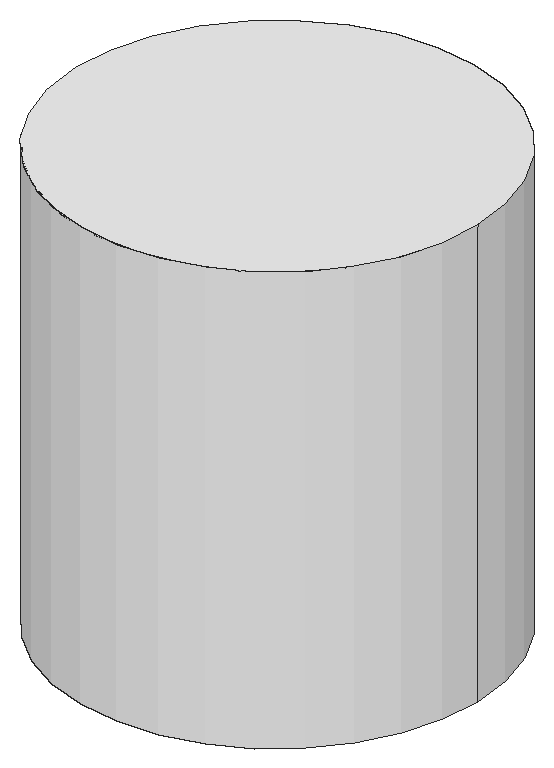
Revit family "TBW01404A_TAC", category Plumbing Fixtures, Revit 2018
Family settings
  Round Connector Dimension = Use Diameter
  Part Type = Normal
  OmniClass Number = 23.45.00.00
  OmniClass Title = Sanitary, Laundry, and Cleaning Equipment
  Work Plane-Based = No
  Always vertical = Yes
  Cut with Voids When Loaded = No
  Shared = No
  Room Calculation Point = No
Parameters
  Water Pressure = "0.05~1.0MPa"
  URL = "https://asia.toto.com/"
  Product URL = ""
  Product Documentation Link = ""
  Model = "TBW01404A"
  Material = none
  Flow rate = ""
  Description = "Thermostat Shower Column with Over Head Shower(2 mode)"
  Manufacturer = "TOTO LTD."  # constant formula
  HW Connection = yes
  Contact Us = ""
  CW Connection = yes
  Waste Connection = no
  Vent Connection = no
  Type Comments = ""
  Width = 298.0 mm
  Length = 586.0 mm
  Height = 1190.0 mm
  Finish = Polished Chrome
Reference planes
  plane 1 "Center (Front/Back)": y = 0
  plane 2: z = 0
  plane 3 "Center (Left/Right)": x = 0
  plane 4 "Left": x = -149
  plane 5 "Right": x = 149
  plane 6 "Up": z = 1143
  plane 7 "Down": z = -47
  plane 8 "Back": y = 0
  plane 9 "Front": y = -586
Forms (mm)
  Extrusion 1, solid, material "Polished Chrome"
    sketch origin (0, 0, 0) x (1, 0, 0) y (0, 1, 0)
      loop
        circle (0, -76) r 17
    from 826.787 to 862.908
Dimensions and locks
  "Width": plane 4 "Left" to plane 5 "Right"
  "Length": plane 8 "Back" to plane 9 "Front"
  "Height": plane 6 "Up" to plane 7 "Down"
  aligned and locked: level to plane 2
Automatic sketch dimensions
  Extrusion 1 sketch curve to plane 3 "Center (Left/Right)" = 0.0 mm
  plane 1 "Center (Front/Back)" to Extrusion 1 sketch curve = 76.0 mm
  radius of Extrusion 1 sketch curve = 17.0 mm
Connectors
  piping at (-75, 0, 0), diameter 15
    settings: on import instance, index 1, connector inside diameter 609.6 mm, connector length 0.0 mm, flow factor 0, pipe flow 0.0 L/s, pressure drop 0.0 Pa, fitting loss kfactor 0, connector angle 0.00°, fixture units 0, engagement length 0.0 mm, angle of deflection 0.00°, flow configuration 2, flow direction 1, fitting loss method 0, system type 19, joint type 0, gender type 0, connector reference index -1, connector utility 0, adjustable connector no, is connector primary yes, connector description ""
  piping at (75, 0, 0), diameter 15
    settings: on import instance, index 2, connector inside diameter 609.6 mm, connector length 0.0 mm, flow factor 0, pipe flow 0.0 L/s, pressure drop 0.0 Pa, fitting loss kfactor 0, connector angle 0.00°, fixture units 0, engagement length 0.0 mm, angle of deflection 0.00°, flow configuration 2, flow direction 1, fitting loss method 0, system type 20, joint type 0, gender type 0, connector reference index -1, connector utility 0, adjustable connector no, is connector primary no, connector description ""
